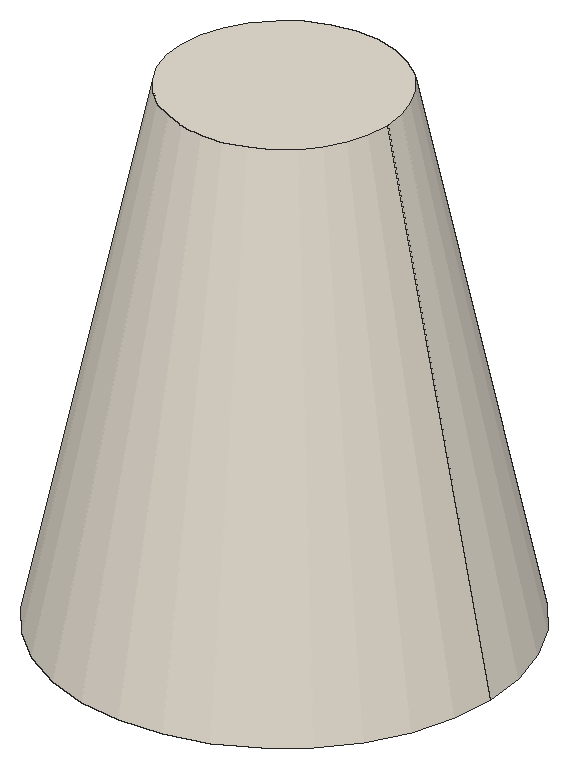
Revit family "FU_Table Base_Sandler_Cono 4002", category Furniture, Revit 2022
Family settings
  OmniClass Number = 23.21.23.15.17
  Work Plane-Based = Yes
  Always vertical = No
  Cut with Voids When Loaded = No
  Render Appearance Source = Family Geometry
  Shared = No
  Room Calculation Point = No
Parameters (values of type "CONO 4002")
  Youtube clip = ""
  Width = 600.000 mm
  Uniformat II Description = "Movable Furnishings"
  Uniformat II Code = ""
  Uniclass 2015 Name = ""
  Uniclass 2015 Code = ""
  Uniclass 2.0 Description = ""
  Uniclass 2.0 Code = ""
  Uniclass 1.4 Description = ""
  Uniclass 1.4 Code = ""
  UNSPSC Code = ""
  Technical description = ""
  Region South America = "All"
  Region Oceania = "All"
  Region North America = "All"
  Region Middle East = "All"
  Region Europe = "All"
  Region Asia = "All"
  Region Antarctica = "All"
  Region Africa = "All"
  QR code = "https://www.sandlerseating.com/product/cono-4002/"
  Product url = "https://www.sandlerseating.com/product/cono-4002/"
  Product name = "CONO 4002"
  Product group = "Table"
  Product family = "Furniture"
  Product data url = "https://www.sandlerseating.com/product/cono-4002/"
  Product certification = ""
  Product SKU = "??"
  Product Guid = "??"
  OmniClass Description = ""
  OmniClass Code = "23-21 23 15 17"
  NBS Reference Description = ""
  NBS Reference Code = ""
  Model = "CONO 4002"
  Masterformat 2014 Description = "Table Mats"
  Masterformat 2014 Code = "12 48 43.13"
  Manufacturer name = "Sandler"
  Manufacturer country = "USA"
  Manufacturer = "Sandler"
  Installation instructions = ""
  IFC Classification = "Furnishing Element"
  Height = 720.000 mm
  GTIN code = ""
  Edition number = 1
  Design country = ""
  Description = "Contemporary metal dining table base with adjustable glides."
  Depth = Width  # 600.000 mm
  Default Elevation = 0.000 mm
  Date of publishing = ""
  COBIe Type Category = ""
  Brand url = "https://www.sandlerseating.com/"
  Base Material = Metal - M2 Lacquer - Pearl White RAL 1013
  BIMobject main category code = "furniture"
  BIMobject main category = "Furniture"
  BIMobject category code = "furniture-table"
  BIMobject category = "Table"
Reference planes
  plane 1 "Center Front/Back": y = 0
  plane 2: z = 0
  plane 3 "Center Left/Right": x = 0
  plane 4 "right": x = -300
  plane 5 "left": x = 300
  plane 6 "front": y = -300
  plane 7 "back": y = 300
  plane 8 "Height": z = 720
  plane 9 "Base Height": z = 695
Forms (mm)
  Blend 1, solid, material "Metal - M2 Lacquer - Pearl White RAL 1013" <- "Base Material"
    base sketch origin (0, 0, 840) x (-1, 0, 0) y (0, -1, 0)
      loop
        circle (0, 0) r 300
    top sketch origin (0, 0, 840) x (-1, 0, 0) y (0, -1, 0)
      loop
        circle (0, 0) r 150
    from -840 to -145
Dimensions and locks
  equal spacing: plane 7 "back", plane 1 "Center Front/Back", plane 6 "front"
  "Depth": plane 7 "back" to plane 6 "front"
  equal spacing: plane 4 "right", plane 3 "Center Left/Right", plane 5 "left"
  "Width": plane 4 "right" to plane 5 "left"
  locked: plane 8 "Height" to plane 9 "Base Height" at 25
  "Height": plane 8 "Height" to level
  aligned and locked: level to plane 2
  aligned and locked: plane 9 "Base Height" to Blend 1
Automatic sketch dimensions
  plane 1 "Center Front/Back" to Blend 1 sketch curve = 0.000 mm  (x2)
  Blend 1 sketch curve to plane 3 "Center Left/Right" = 0.000 mm  (x2)
  radius of Blend 1 sketch curve = 300.000 mm
  radius of Blend 1 sketch curve = 150.000 mm
